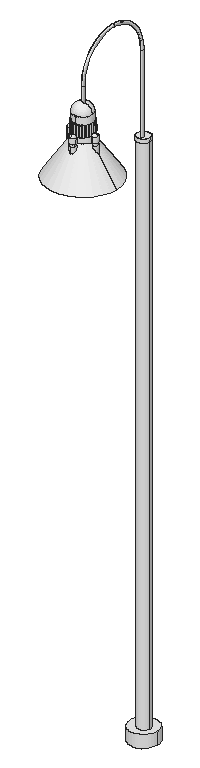
Revit family "ERA-RA25", category Lighting Fixtures, Revit 2014 (continued)
Definition of nested family "Family1"
  Forms (in)
    Revolve 12, solid, material "Metal-Kim Lighting-Aluminum-Reflective" <- "Inside Material", not visible
      sketch origin (5.06063, 0.05401, -38.86718) x (1, 0, 0) y (0, 0, 1)
        loop
          line (-6.52594, 191.58945) -> (-1.46624, 191.58945) -> (-0.74981, 189.50879) -> (1.54743, 189.50879) -> (1.54743, 185.68857) -> (3.72761, 185.68857) -> (3.72761, 185.84294) -> (1.69676, 185.84294) -> (1.69676, 189.62813) -> (-0.63457, 189.62813) -> (-1.3608, 191.73727) -> (-6.52594, 191.73727) -> (-6.52594, 191.58945)
        axis (-6.52594, 191.73727) -> (-6.52594, 185.68857)
      angle from 0 to 360
    Extrusion 13, solid, material "Metal-Kim Lighting-Aluminum Alloy" <- "Housing Material"
      sketch origin (-1.46532, -6.19162, 4.01078) x (1, 0, 0) y (0, 1, 0)
        loop
          circle (0, 2.24564) r 1
      from 154.3106 to 155.8106
    Revolve 14, solid, material "Metal-Kim Lighting-Aluminum Alloy" <- "Housing Material"
      sketch origin (-1.46532, -1.34773, 10.82138) x (0, -1, 0) y (0, 0, -1)
        loop
          line (3.34826, -149) -> (2.59826, -149) -> (2.59826, -149.75)
          arc (2.59826, -149.75) -> (3.12859, -149.53033) -> (3.34826, -149) r 0.75
        axis (2.59826, -149) -> (2.59826, -149.75)
      angle from 0 to 360
    Extrusion 15, solid, material "Metal-Kim Lighting-Aluminum Alloy" <- "Housing Material"
      sketch origin (-1.46532, 6.29965, 4.01078) x (-1, 0, 0) y (0, -1, 0)
        loop
          circle (0, 2.24564) r 1
      from 154.3106 to 155.8106
    Revolve 16, solid, material "Metal-Kim Lighting-Aluminum Alloy" <- "Housing Material"
      sketch origin (-1.46532, 1.45575, 10.82138) x (0, 1, 0) y (0, 0, 1)
        loop
          arc (3.34826, 149) -> (3.12859, 149.53033) -> (2.59826, 149.75) r 0.75
          line (2.59826, 149.75) -> (2.59826, 149) -> (3.34826, 149)
        axis (2.59826, 149) -> (2.59826, 149.75)
      angle from 0 to 360
    Extrusion 17, solid, material "Metal-Kim Lighting-Aluminum Alloy" <- "Housing Material"
      sketch origin (-1.46532, 6.29965, 4.01078) x (-1, 0, 0) y (0, -1, 0)
        loop
          circle (0, 10.24564) r 0.75
      from 153.3106 to 155.8106
    Extrusion 18, solid, material "Metal-Kim Lighting-Aluminum Alloy" <- "Housing Material"
      sketch origin (-1.46532, -6.19162, 4.01078) x (1, 0, 0) y (0, 1, 0)
        loop
          circle (0, 10.24564) r 0.75
      from 153.3106 to 155.8106
    Revolve 19, solid, material "Metal-Kim Lighting-Aluminum Alloy" <- "Housing Material"
      sketch origin (-0.06358, 0.05401, 8.32138) x (1, 0, 0) y (0, 0, 1)
        loop
          line (-1.40174, 150.07248) -> (-4.48034, 150.07248) -> (-12.43642, 138.5) -> (-1.40174, 138.5) -> (-1.40174, 150.07248)
        axis (-1.40174, 150.07248) -> (-1.40174, 138.5)
      angle from 0 to 360
    Extrusion 20, solid, material "Metal-Kim Lighting-Aluminum Alloy" <- "Housing Material"
      sketch origin (4.78032, 0.05401, 1.51078) x (0, 1, 0) y (-1, 0, 0)
        loop
          circle (0, 6.24564) r 3
      from 155.8106 to 164.04982
    Revolve 21, solid, material "Metal-Kim Lighting-Aluminum Alloy" <- "Housing Material"
      sketch origin (-0.05171, 0.05986, 12.5606) x (1, 0, 0) y (0, 0, 1)
        loop
          line (-1.40174, 156) -> (-1.40174, 155.875)
          arc (-1.40174, 155.875) -> (0.63119, 155.03293) -> (1.47326, 153) r 2.875
          line (1.47326, 153) -> (1.59826, 153)
          arc (1.59826, 153) -> (0.71958, 155.12132) -> (-1.40174, 156) r 3
        axis (-1.40174, 156) -> (-1.40174, 153)
      angle from 0 to 360
    Extrusion 22, solid, material "Metal-Kim Lighting-Aluminum Alloy" <- "Housing Material"
      sketch origin (4.79219, 0.05986, 4) x (0, 1, 0) y (-1, 0, 0)
        loop
          circle (0, 2.24564) r 1
      from 150.3106 to 153.3106
    Extrusion 23, solid, material "Metal-Kim Lighting-Aluminum Alloy" <- "Housing Material"
      sketch origin (0.77874, 4.07331, 4) x (0, 1, 0) y (-1, 0, 0)
        loop
          circle (-0.01345, 2.23219) r 1
      from 150.3106 to 153.3106
    Extrusion 24, solid, material "Metal-Kim Lighting-Aluminum Alloy" <- "Housing Material"
      sketch origin (-3.23471, 0.05986, 4) x (0, 1, 0) y (-1, 0, 0)
        loop
          circle (0, 2.21874) r 0.98655
      from 150.3106 to 153.3106
    Extrusion 25, solid, material "Metal-Kim Lighting-Aluminum Alloy" <- "Housing Material"
      sketch origin (0.77874, -3.95359, 4) x (0, 1, 0) y (-1, 0, 0)
        loop
          circle (0.01345, 2.23219) r 0.98655
      from 150.3106 to 153.3106
  Dimensions and locks (in)
    aligned and locked: plane 2 to level
    aligned and locked: Revolve 12 to Revolve 11 sketch curve
Definition of nested family "Notation"
  Parameters (values of type "Notation")
    Notation = "LF"
  Reference planes (in)
    plane 1: y = 0
    plane 2: x = 0
  Text (in)
    label "Notation" at (0.02149, 0.07192, 0), shows "Notation"
Types (5): name | 4C | 3Y | 2
  (no name) | no | no | no
  ER-RA17-1A | no | no | no
  ER-RA17-2B | no | no | yes
  ER-RA17-3Y | no | yes | no
  ER-RA17-4C | yes | no | yes
